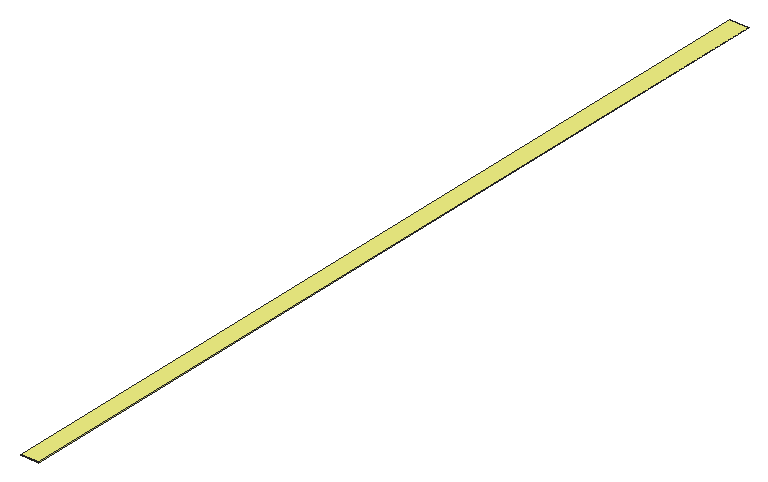
Revit family "M_Vaga de estacionamento", category Estacionamento, Revit 2019
Family settings
  ID de item do Seek = Parking Space-0000-CAN-ENU
  Com base no plano de trabalho = Não
  Sempre na vertical = Não
  Corte com vazios quando carregada = Não
  Compartilhado = Não
Parameters (values of type "4800 x 2400 mm - 90 degraus")
  Ângulo = 90.00°
  Comprimento do estacionamento = 4800 mm
  Largura do estacionamento = 2400 mm
  pl = Comprimento do estacionamento * (sin(Ângulo))  # 4800 mm
  pw = Largura do estacionamento / (sin(Ângulo))  # 2400 mm
Types (5, lengths in mm): name | Ângulo | pl | pw
  (no name) | 90.00° | 4800 | 2400
  4800 x 2400 mm - 90 degraus | 90.00° | 4800 | 2400
  4800 x 2400 mm - 60 degraus | 60.00° | 4156.922 | 2771.281
  4800 x 2400 mm - 80 degraus | 80.00° | 4727.077 | 2437.024
  4800 x 2400 mm - 70 degraus | 70.00° | 4510.525 | 2554.027
Reference planes
  plane 1 "Centro (Frente/Trás)": y = 0
  plane 2: z = 0
  plane 3 "Centro (Esquerda/Direita)": x = 0
  plane 4: y = -304.8
Forms (mm)
  Sweep 1, solid, material "Faixa de estacionamento"
    path in 3D
      loop
        line (0, 0, 0) -> (0, -4800, 0)
    profile origin (0, -2400, 0) x (1, 0, 0) y (0, 0, 1)
      loop
        line (-50.8, 0) -> (50.8, 0) -> (50.8, 3.175) -> (-50.8, 3.175) -> (-50.8, 0)
Lines and regions (mm)
  model lines, style "Linha de referência"
    curve 1: line (2400, 0, 0) -> (2400, -4800, 0)
  model lines, style "Esquema de estacionamento"
    curve 2: line (2400, 0, 0) -> (0, 0, 0)
    curve 3: line (0, 0, 0) -> (0, -4800, 0)
  sketch lines
    curve 4: line (0, 0, 0) -> (0, -4800, 0)
Dimensions and locks
  "pw": curve 3 to curve 2
  "pl": curve 2 to curve 1
  "Ângulo": angle curve 3 to plane 4
  "Ângulo": angle curve 1 to plane 4
  aligned and locked: plane 1 "Centro (Frente/Trás)" to curve 1
  aligned and locked: plane 3 "Centro (Esquerda/Direita)" to curve 2
  aligned and locked: plane 1 "Centro (Frente/Trás)" to curve 3
Automatic sketch dimensions
  curve 3 to curve 1 = 0 mm
  profile plane to Sweep 1 sketch curve = 50.8 mm
  Sweep 1 sketch curve to profile plane = 50.8 mm
  Sweep 1 sketch curve to Sweep 1 sketch curve = 3.175 mm
